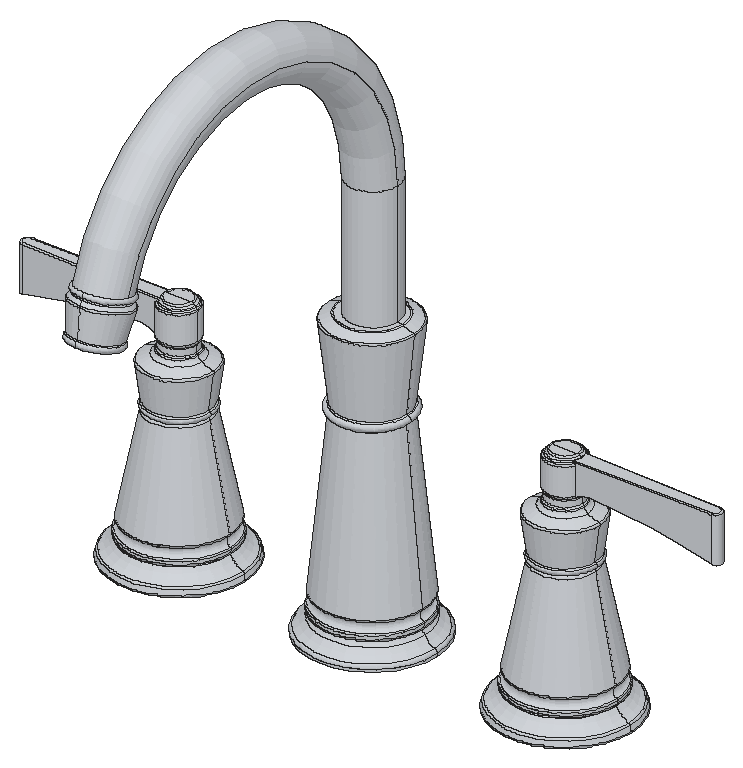
Revit family "Faucet-Deck_Mount-Bath-KOHLER-Archer-K-T45849_1", category Plumbing Fixtures, host Face, Revit 2015
Parameters (values of type "CP-Polished Chrome")
  Width [instance] = 8"
  WaterSense Certified = 1 = 0  # no
  Waste Water Outlet = "Waste Water Outlet"  # constant formula
  Waste Connection = 1 = 0  # no
  Vent Connection = 1 = 0  # no
  URL = "https://www.us.kohler.com/us/"
  Type = 1
  Spout Reach = Length  # 7 3/16"
  Product Page URL = "http://www.us.kohler.com/us/catalog/productDetails.jsp?productNumber=T45849-4"
  Product Name = "Archer"  # constant formula
  Product Documentation Link = "https://www.us.kohler.com/webassets/kpna/catalog/pdf/en/K-T45849-4_spec.pdf"
  Pressure = 0.00 psi
  Model = if(Type = 1, "K-T45849-4-CP", if(Type = 2, "K-T45849-4-BN", "NA"))  # "K-T45849-4-CP"
  Material = "Premium Metal Construction"  # constant formula
  MasterFormat 2004 = "22.41.39"  # constant formula
  MasterFormat 1995 = "15410"  # constant formula
  Manufacturer Address = "444 Highland Dr, Kohler, WI 53044"  # constant formula
  Manufacturer = "KOHLER Co."  # constant formula
  Length = 7 3/16"  # constant formula
  Hot Water Inlet = "Hot Water Inlet"  # constant formula
  Height = 12 1/2"  # constant formula
  Handle Clearance = 3 1/4"  # constant formula
  HW Connection = 1 = 1  # yes
  Flow Rate = 0 GPM
  Finish = Kohler-Metal-CP-Polished_Chrome
  Faucet Hole Spacing [instance] = Width  # 8"
  Environmental Product Declaration = ""
  Drain Included = 1 = 0  # no
  Description = "Deck-mount bath faucet trim"  # constant formula
  Default Elevation = 36"
  Declare Label = ""
  Date Modified = "03/04/2019"  # constant formula
  Date Created = "03/04/2019"  # constant formula
  Copyright = "Copyright KOHLER Co."  # constant formula
  Contact Us = "https://www.us.kohler.com/us/static/contact.jsp"
  Cold Water Inlet = "Cold Water Inlet"  # constant formula
  CW Connection = 1 = 1  # yes
  Assembly Code = "D2010"
  ADA Compliant = 1 = 1  # yes
Types (3): name | Type | Model | Finish
  (no name) | 1 | "K-T45849-4-CP" | Kohler-Metal-CP-Polished_Chrome
  CP-Polished Chrome | 1 | "K-T45849-4-CP" | Kohler-Metal-CP-Polished_Chrome
  BN-Vibrant Brushed Nickel | 2 | "K-T45849-4-BN" | Kohler-Metal-BN-Vibrant_Brushed_Nickel
Reference planes (in)
  plane 1 "Center (Front/Back)": y = 0
  plane 2: z = 0
  plane 3 "Center (Left/Right)": x = 0
  plane 4: z = 12.5
  plane 5: z = 4.75
  plane 6: y = -7.1875
  plane 7: z = 8.5
  plane 8: x = -4
  plane 9: x = 4
  plane 10: x = -5.375
  plane 11: x = -2.625
  plane 12: x = 5.375
  plane 13: x = 2.625
  plane 14: x = -1.34375
  plane 15: x = 1.34375
  plane 16: x = 7.25
  plane 17: x = -7.25
  plane 18: y = 1.375
  plane 19: y = -1.375
  plane 20: y = -7.68574
Dimensions and locks (in)
  level to plane 7 = 8 1/2"
  "Length": plane 1 "Center (Front/Back)" to plane 6
  equal spacing: plane 8, plane 3 "Center (Left/Right)", plane 9
  "Width": plane 8 to plane 9
  "Height": plane 4 to level
  "Handle Clearance": plane 16 to plane 9
  plane 5 to level = 4 3/4"
  equal spacing: plane 10, plane 8, plane 11
  equal spacing: plane 13, plane 9, plane 12
  locked: plane 10 to plane 11 at 2.75
  locked: plane 13 to plane 12 at 2.75
  equal spacing: plane 17, plane 3 "Center (Left/Right)", plane 16
  "Spout Reach": plane 6 to plane 1 "Center (Front/Back)"
  locked: plane 14 to plane 15 at 2.6875
  aligned and locked: plane 2 to host face
  aligned and locked: level to host face
  aligned and locked: nested 1 to plane 8
  aligned and locked: plane 9 to nested 2
Automatic sketch dimensions
  host sketch curve to host sketch curve = 96"  (x2)
Nested families (in)
  nested 1: "K-T45849-4 Handle" at (0, 0, 0), type "K-T45849-4 Handle"
  nested 2: "K-T45849-4 Handle" at (0, 0, 0) x (-1, 0, 0) z (0, 0, 1), type "K-T45849-4 Handle"
  nested 3: "K-T45849-4" at (0, 0, 0), type "K-T45849-4"
Connectors (in)
  piping at (-4, 0, 0), diameter 0.625, driven by "HW Connection", driven by "Hot Water Inlet", driven by "Flow Rate"
    settings: on nested 1, index 1, connector inside diameter 24", connector length 0", flow factor 0, pipe flow 0 GPM, pressure drop 0.00 psi, fitting loss kfactor 0, connector angle 0.00°, fixture units 0, engagement length 0", angle of deflection 0.00°, flow configuration 0, flow direction 1, fitting loss method 0, system type 19, joint type 0, gender type 0, connector reference index -1, connector utility 1, adjustable connector no, is connector primary yes, connector description "Hot Water Inlet"
  piping at (4, 0, 0), diameter 0.625, driven by "CW Connection", driven by "Cold Water Inlet", driven by "Flow Rate"
    settings: on nested 2, index 2, connector inside diameter 24", connector length 0", flow factor 0, pipe flow 0 GPM, pressure drop 0.00 psi, fitting loss kfactor 0, connector angle 0.00°, fixture units 0, engagement length 0", angle of deflection 0.00°, flow configuration 0, flow direction 1, fitting loss method 0, system type 20, joint type 0, gender type 0, connector reference index -1, connector utility 1, adjustable connector no, is connector primary no, connector description "Cold Water Inlet"
Definition of nested family "K-T45849-4 Handle"
  Parameters (values of type "K-T45849-4 Handle")
    Material = none
  Reference planes (in)
    plane 1 "Center (Front/Back)": y = 0
    plane 2: z = 0
    plane 3 "Center (Left/Right)": x = 0
    plane 4: x = -4
    plane 5: x = 4
    plane 6: x = -5.375
    plane 7: x = -2.625
    plane 8: x = 5.375
    plane 9: x = 2.625
    plane 10: z = 4.75
    plane 11: x = -7.25
    plane 12: y = 1.375
    plane 13: y = -1.375
    plane 14: z = 3.80669
  Forms (in)
    Revolve 1, solid, material <- "Material", detail levels medium+fine
      sketch origin (0, 0, 0) x (1, 0, 0) y (0, 0, 1)
        loop
          line (-4, 0) -> (-2.64638, 0)
          arc (-2.64638, 0) -> (-2.62948, 0.00831) -> (-2.62573, 0.02677) r 0.02135
          arc (-2.62573, 0.02677) -> (-2.63937, 0.07651) -> (-2.65412, 0.12593) r 2.31746
          arc (-2.65412, 0.12593) -> (-2.66608, 0.14762) -> (-2.68562, 0.16283) r 0.0615
          arc (-2.68562, 0.16283) -> (-2.8279, 0.25726) -> (-2.94184, 0.38445) r 0.67296
          arc (-2.94184, 0.38445) -> (-2.96127, 0.40202) -> (-2.98652, 0.409) r 0.05683
          line (-2.98652, 0.409) -> (-2.94812, 0.409)
          arc (-2.94812, 0.409) -> (-2.9265, 0.41796) -> (-2.91754, 0.43958) r 0.03058
          line (-2.91754, 0.43958) -> (-2.91754, 0.50051)
          arc (-2.91754, 0.50051) -> (-2.92272, 0.51766) -> (-2.93652, 0.52908) r 0.031
          arc (-2.93652, 0.52908) -> (-3.00867, 0.62316) -> (-2.96444, 0.73317) r 0.11968
          arc (-2.96444, 0.73317) -> (-2.95529, 0.74588) -> (-2.95417, 0.7615) r 0.0287
          line (-2.95417, 0.7615) -> (-3.36305, 2.72742)
          arc (-3.36305, 2.72742) -> (-3.39476, 2.77957) -> (-3.45227, 2.8) r 0.09113
          line (-3.45227, 2.8) -> (-3.3765, 2.8)
          arc (-3.3765, 2.8) -> (-3.33935, 2.83573) -> (-3.3583, 2.88366) r 0.04627
          arc (-3.3583, 2.88366) -> (-3.37257, 2.90092) -> (-3.37563, 2.9231) r 0.04098
          line (-3.37563, 2.9231) -> (-3.27663, 3.62748)
          arc (-3.27663, 3.62748) -> (-3.2807, 3.64888) -> (-3.29695, 3.66338) r 0.03388
          line (-3.29695, 3.66338) -> (-3.53109, 3.76277)
          arc (-3.53109, 3.76277) -> (-3.57742, 3.79627) -> (-3.60459, 3.84656) r 0.12831
          arc (-3.60459, 3.84656) -> (-3.61097, 3.86117) -> (-3.62115, 3.87345) r 0.05692
          arc (-3.62115, 3.87345) -> (-3.6336, 3.89072) -> (-3.638, 3.91155) r 0.0515
          line (-3.638, 3.91155) -> (-3.638, 4.03727)
          arc (-3.638, 4.03727) -> (-3.63517, 4.05291) -> (-3.62704, 4.06657) r 0.04462
          arc (-3.62704, 4.06657) -> (-3.61451, 4.08761) -> (-3.61015, 4.11171) r 0.06875
          line (-3.61015, 4.11171) -> (-3.61015, 4.67659)
          arc (-3.61015, 4.67659) -> (-3.61334, 4.69263) -> (-3.62243, 4.70623) r 0.04193
          line (-3.62243, 4.70623) -> (-3.6461, 4.72991)
          arc (-3.6461, 4.72991) -> (-3.65912, 4.74024) -> (-3.67413, 4.74735) r 0.07277
          arc (-3.67413, 4.74735) -> (-3.69789, 4.76254) -> (-3.71191, 4.78701) r 0.05909
          arc (-3.71191, 4.78701) -> (-3.72068, 4.79977) -> (-3.73537, 4.80469) r 0.02441
          line (-3.73537, 4.80469) -> (-4, 4.80469) -> (-4, 0)
        axis (-4, 0) -> (-4, 4.80469)
      angle from 0 to 360
    Extrusion 2, void, detail levels medium+fine
      sketch origin (0, 0, 0.20312) x (1, 0, 0) y (0, 0, 1)
        loop
          arc (-4.18377, 3.69717) -> (-4.23808, 3.77318) -> (-4.30004, 3.8431) r 0.89196
          arc (-4.30004, 3.8431) -> (-4.45767, 3.94853) -> (-4.64417, 3.9829) r 0.46881
          arc (-4.64417, 3.9829) -> (-5.28107, 3.94541) -> (-5.9134, 3.8605) r 8.54269
          arc (-5.9134, 3.8605) -> (-6.15672, 3.81551) -> (-6.39889, 3.76471) r 10.32211
          arc (-6.39889, 3.76471) -> (-7.02114, 3.63609) -> (-7.64615, 3.52167) r 27.89364
          line (-7.64615, 3.52167) -> (-7.62197, 3.24533) -> (-4.18377, 3.24533) -> (-4.18377, 3.69717)
      from -0.6709 to 1.51173
    Sweep 3, solid, material <- "Material", detail levels medium+fine
      path origin (0, 0, 0) x (1, 0, 0) y (0, 1, 0)
        loop
          arc (-4.06891, -0.17981) -> (-3.99149, -0.00565) -> (-4.06891, 0.16851) r 0.2346
          line (-4.06891, 0.16851) -> (-7.13153, 0.11505)
          arc (-7.13153, 0.11505) -> (-7.25015, -0.00565) -> (-7.13153, -0.12635) r 0.12072
          line (-7.13153, -0.12635) -> (-4.06891, -0.17981)
      profile origin (-5.60022, -0.15308, 0) x (-0.017452, -0.999848, 0) y (0, 0, 1)
        loop
          arc (0, 4.73043) -> (-0.00573, 4.74427) -> (-0.01956, 4.75) r 0.01956
          line (-0.01956, 4.75) -> (-0.05627, 4.75) -> (-0.05627, 3.80281) -> (0, 3.80281) -> (0, 4.73043)
    Extrusion 4, solid, material <- "Material", detail levels medium+fine
      sketch origin (0, 0, 0) x (1, 0, 0) y (0, 1, 0)
        loop
          arc (-7.13055, 0.07441) -> (-7.21061, -0.00565) -> (-7.13055, -0.08571) r 0.08006
          line (-7.13055, -0.08571) -> (-4.19799, -0.1369) -> (-4.19799, 0.1256) -> (-7.13055, 0.07441)
      from 3.80281 to 4.75
    Extrusion 5, solid, material <- "Material", detail levels medium+fine
      sketch origin (0, 0, 0) x (1, 0, 0) y (0, 1, 0)
        loop
          circle (-4, 0) r 0.3125
      from 0 to 0.08742
    Revolve 6, solid, material <- "Material", detail levels coarse
      sketch origin (0, 0, 0) x (1, 0, 0) y (0, 0, 1)
        loop
          line (-4, 0) -> (-4, 4.82432) -> (-4.76139, 4.82432) -> (-4.82528, 2.9947)
          arc (-4.82528, 2.9947) -> (-4.91825, 2.12515) -> (-5.13437, 1.27776) r 6.11168
          arc (-5.13437, 1.27776) -> (-5.29818, 0.64702) -> (-5.37593, 0) r 4.84937
          line (-5.37593, 0) -> (-4, 0)
        axis (-4, 0) -> (-4, 4.82432)
      angle from 0 to 360
    Extrusion 7, solid, material <- "Material", detail levels coarse
      sketch origin (0, 0, 0) x (1, 0, 0) y (0, 1, 0)
        loop
          line (-4.06891, 0.16851) -> (-7.14586, 0.1148)
          arc (-7.14586, 0.1148) -> (-7.26423, -0.00565) -> (-7.14586, -0.1261) r 0.12047
          line (-7.14586, -0.1261) -> (-4.06891, -0.17981) -> (-4.06891, 0.16851)
      from 3.80669 to 4.68345
  Cuts and joins
    Extrusion 2 cuts Sweep 3
    Extrusion 2 cuts Extrusion 4
    joined: Sweep 3, Extrusion 4
    joined: Revolve 6, Extrusion 7
  Lines and regions (in)
    Masking region 1
      outline origin (0, 0, 0) x (1, 0, 0) y (0, 0, 1)
        loop
          line (-4, 0) -> (-2.64638, 0)
          arc (-2.64638, 0) -> (-2.62948, 0.00831) -> (-2.62573, 0.02677) r 0.02135
          arc (-2.62573, 0.02677) -> (-2.63937, 0.07651) -> (-2.65412, 0.12593) r 2.31746
          arc (-2.65412, 0.12593) -> (-2.66608, 0.14762) -> (-2.68562, 0.16283) r 0.0615
          arc (-2.68562, 0.16283) -> (-2.8279, 0.25726) -> (-2.94184, 0.38445) r 0.67296
          arc (-2.94184, 0.38445) -> (-2.96127, 0.40202) -> (-2.98652, 0.409) r 0.05683
          line (-2.98652, 0.409) -> (-2.94812, 0.409)
          arc (-2.94812, 0.409) -> (-2.9265, 0.41796) -> (-2.91754, 0.43958) r 0.03058
          line (-2.91754, 0.43958) -> (-2.91754, 0.50051)
          arc (-2.91754, 0.50051) -> (-2.92272, 0.51766) -> (-2.93652, 0.52908) r 0.031
          arc (-2.93652, 0.52908) -> (-3.00867, 0.62316) -> (-2.96444, 0.73317) r 0.11968
          arc (-2.96444, 0.73317) -> (-2.95529, 0.74588) -> (-2.95417, 0.7615) r 0.0287
          line (-2.95417, 0.7615) -> (-3.36305, 2.72742)
          arc (-3.36305, 2.72742) -> (-3.39476, 2.77957) -> (-3.45227, 2.8) r 0.09113
          line (-3.45227, 2.8) -> (-3.3765, 2.8)
          arc (-3.3765, 2.8) -> (-3.33935, 2.83573) -> (-3.3583, 2.88366) r 0.04627
          arc (-3.3583, 2.88366) -> (-3.37257, 2.90092) -> (-3.37563, 2.9231) r 0.04098
          line (-3.37563, 2.9231) -> (-3.27663, 3.62748)
          arc (-3.27663, 3.62748) -> (-3.2807, 3.64888) -> (-3.29695, 3.66338) r 0.03388
          line (-3.29695, 3.66338) -> (-3.53109, 3.76277)
          arc (-3.53109, 3.76277) -> (-3.57742, 3.79627) -> (-3.60459, 3.84656) r 0.12831
          arc (-3.60459, 3.84656) -> (-3.61097, 3.86117) -> (-3.62115, 3.87345) r 0.05692
          arc (-3.62115, 3.87345) -> (-3.6336, 3.89072) -> (-3.638, 3.91155) r 0.0515
          line (-3.638, 3.91155) -> (-3.638, 4.03727)
          arc (-3.638, 4.03727) -> (-3.63517, 4.05291) -> (-3.62704, 4.06657) r 0.04462
          arc (-3.62704, 4.06657) -> (-3.61451, 4.08761) -> (-3.61015, 4.11171) r 0.06875
          line (-3.61015, 4.11171) -> (-3.61015, 4.67659)
          arc (-3.61015, 4.67659) -> (-3.61334, 4.69263) -> (-3.62243, 4.70623) r 0.04193
          line (-3.62243, 4.70623) -> (-3.6461, 4.72991)
          arc (-3.6461, 4.72991) -> (-3.65912, 4.74024) -> (-3.67413, 4.74735) r 0.07277
          arc (-3.67413, 4.74735) -> (-3.69789, 4.76254) -> (-3.71191, 4.78701) r 0.05909
          arc (-3.71191, 4.78701) -> (-3.72068, 4.79977) -> (-3.73537, 4.80469) r 0.02441
          line (-3.73537, 4.80469) -> (-4, 4.80469) -> (-4.26463, 4.80469)
          arc (-4.26463, 4.80469) -> (-4.27932, 4.79977) -> (-4.28809, 4.78701) r 0.02441
          arc (-4.28809, 4.78701) -> (-4.29976, 4.76515) -> (-4.31937, 4.75) r 0.05909
          line (-4.31937, 4.75) -> (-7.22671, 4.75)
          arc (-7.22671, 4.75) -> (-7.24318, 4.74318) -> (-7.25, 4.72671) r 0.02329
          line (-7.25, 4.72671) -> (-7.25, 3.80669) -> (-7.19084, 3.80669)
          arc (-7.19084, 3.80669) -> (-6.79428, 3.88439) -> (-6.39889, 3.96783) r 27.89364
          arc (-6.39889, 3.96783) -> (-6.15672, 4.01864) -> (-5.9134, 4.06363) r 10.32211
          arc (-5.9134, 4.06363) -> (-5.28107, 4.14854) -> (-4.64417, 4.18602) r 8.54269
          arc (-4.64417, 4.18602) -> (-4.51197, 4.16994) -> (-4.38963, 4.11733) r 0.46881
          arc (-4.38963, 4.11733) -> (-4.38642, 4.09026) -> (-4.37296, 4.06657) r 0.06875
          arc (-4.37296, 4.06657) -> (-4.36483, 4.05291) -> (-4.362, 4.03727) r 0.04462
          line (-4.362, 4.03727) -> (-4.362, 3.91155)
          arc (-4.362, 3.91155) -> (-4.3664, 3.89072) -> (-4.37885, 3.87345) r 0.0515
          arc (-4.37885, 3.87345) -> (-4.38903, 3.86117) -> (-4.39541, 3.84656) r 0.05692
          arc (-4.39541, 3.84656) -> (-4.42258, 3.79627) -> (-4.46891, 3.76277) r 0.12831
          line (-4.46891, 3.76277) -> (-4.70305, 3.66338)
          arc (-4.70305, 3.66338) -> (-4.7193, 3.64888) -> (-4.72337, 3.62748) r 0.03388
          line (-4.72337, 3.62748) -> (-4.62437, 2.9231)
          arc (-4.62437, 2.9231) -> (-4.62743, 2.90092) -> (-4.6417, 2.88366) r 0.04098
          arc (-4.6417, 2.88366) -> (-4.66065, 2.83573) -> (-4.6235, 2.8) r 0.04627
          line (-4.6235, 2.8) -> (-4.54773, 2.8)
          arc (-4.54773, 2.8) -> (-4.60524, 2.77957) -> (-4.63695, 2.72742) r 0.09113
          line (-4.63695, 2.72742) -> (-5.04583, 0.7615)
          arc (-5.04583, 0.7615) -> (-5.04471, 0.74588) -> (-5.03556, 0.73317) r 0.0287
          arc (-5.03556, 0.73317) -> (-4.99133, 0.62316) -> (-5.06348, 0.52908) r 0.11968
          arc (-5.06348, 0.52908) -> (-5.07728, 0.51766) -> (-5.08246, 0.50051) r 0.031
          line (-5.08246, 0.50051) -> (-5.08246, 0.43958)
          arc (-5.08246, 0.43958) -> (-5.0735, 0.41796) -> (-5.05188, 0.409) r 0.03058
          line (-5.05188, 0.409) -> (-5.01348, 0.409)
          arc (-5.01348, 0.409) -> (-5.03873, 0.40202) -> (-5.05816, 0.38445) r 0.05683
          arc (-5.05816, 0.38445) -> (-5.1721, 0.25726) -> (-5.31438, 0.16283) r 0.67296
          arc (-5.31438, 0.16283) -> (-5.33392, 0.14762) -> (-5.34588, 0.12593) r 0.0615
          arc (-5.34588, 0.12593) -> (-5.36063, 0.07651) -> (-5.37427, 0.02677) r 2.31746
          arc (-5.37427, 0.02677) -> (-5.37052, 0.00831) -> (-5.35362, 0) r 0.02135
          line (-5.35362, 0) -> (-4, 0)
    Masking region 2
      outline origin (0, 0, 0) x (0, 1, 0) y (0, 0, 1)
        loop
          line (0, 0) -> (1.35361, 0)
          arc (1.35361, 0) -> (1.37052, 0.00831) -> (1.37427, 0.02677) r 0.02135
          arc (1.37427, 0.02677) -> (1.36062, 0.07651) -> (1.34588, 0.12593) r 2.31746
          arc (1.34588, 0.12593) -> (1.33392, 0.14762) -> (1.31438, 0.16283) r 0.0615
          arc (1.31438, 0.16283) -> (1.1721, 0.25726) -> (1.05816, 0.38445) r 0.67296
          arc (1.05816, 0.38445) -> (1.03873, 0.40202) -> (1.01348, 0.409) r 0.05683
          line (1.01348, 0.409) -> (1.05188, 0.409)
          arc (1.05188, 0.409) -> (1.0735, 0.41796) -> (1.08245, 0.43958) r 0.03058
          line (1.08245, 0.43958) -> (1.08245, 0.50051)
          arc (1.08245, 0.50051) -> (1.07728, 0.51766) -> (1.06348, 0.52908) r 0.031
          arc (1.06348, 0.52908) -> (0.99133, 0.62316) -> (1.03556, 0.73317) r 0.11968
          arc (1.03556, 0.73317) -> (1.04471, 0.74588) -> (1.04583, 0.7615) r 0.0287
          line (1.04583, 0.7615) -> (0.63695, 2.72742)
          arc (0.63695, 2.72742) -> (0.60524, 2.77957) -> (0.54773, 2.8) r 0.09113
          line (0.54773, 2.8) -> (0.6235, 2.8)
          arc (0.6235, 2.8) -> (0.66065, 2.83573) -> (0.64169, 2.88366) r 0.04627
          arc (0.64169, 2.88366) -> (0.62743, 2.90092) -> (0.62437, 2.9231) r 0.04098
          line (0.62437, 2.9231) -> (0.72336, 3.62748)
          arc (0.72336, 3.62748) -> (0.7193, 3.64888) -> (0.70305, 3.66338) r 0.03388
          line (0.70305, 3.66338) -> (0.4689, 3.76277)
          arc (0.4689, 3.76277) -> (0.42258, 3.79627) -> (0.3954, 3.84656) r 0.12831
          arc (0.3954, 3.84656) -> (0.38903, 3.86117) -> (0.37885, 3.87345) r 0.05692
          arc (0.37885, 3.87345) -> (0.3664, 3.89072) -> (0.36199, 3.91155) r 0.0515
          line (0.36199, 3.91155) -> (0.36199, 4.03727)
          arc (0.36199, 4.03727) -> (0.36483, 4.05291) -> (0.37296, 4.06657) r 0.04462
          arc (0.37296, 4.06657) -> (0.38549, 4.08761) -> (0.38985, 4.11171) r 0.06875
          line (0.38985, 4.11171) -> (0.38985, 4.67659)
          arc (0.38985, 4.67659) -> (0.38666, 4.69263) -> (0.37757, 4.70623) r 0.04193
          line (0.37757, 4.70623) -> (0.35389, 4.72991)
          arc (0.35389, 4.72991) -> (0.34088, 4.74024) -> (0.32586, 4.74735) r 0.07277
          arc (0.32586, 4.74735) -> (0.3021, 4.76254) -> (0.28809, 4.78701) r 0.05909
          arc (0.28809, 4.78701) -> (0.27931, 4.79977) -> (0.26463, 4.80469) r 0.02441
          line (0.26463, 4.80469) -> (0, 4.80469) -> (-0.26463, 4.80469)
          arc (-0.26463, 4.80469) -> (-0.27931, 4.79977) -> (-0.28809, 4.78701) r 0.02441
          arc (-0.28809, 4.78701) -> (-0.3021, 4.76254) -> (-0.32586, 4.74735) r 0.05909
          arc (-0.32586, 4.74735) -> (-0.34088, 4.74024) -> (-0.35389, 4.72991) r 0.07277
          line (-0.35389, 4.72991) -> (-0.37757, 4.70623)
          arc (-0.37757, 4.70623) -> (-0.38666, 4.69263) -> (-0.38985, 4.67659) r 0.04193
          line (-0.38985, 4.67659) -> (-0.38985, 4.11171)
          arc (-0.38985, 4.11171) -> (-0.38549, 4.08761) -> (-0.37296, 4.06657) r 0.06875
          arc (-0.37296, 4.06657) -> (-0.36483, 4.05291) -> (-0.36199, 4.03727) r 0.04462
          line (-0.36199, 4.03727) -> (-0.36199, 3.91155)
          arc (-0.36199, 3.91155) -> (-0.3664, 3.89072) -> (-0.37885, 3.87345) r 0.0515
          arc (-0.37885, 3.87345) -> (-0.38903, 3.86117) -> (-0.3954, 3.84656) r 0.05692
          arc (-0.3954, 3.84656) -> (-0.42258, 3.79627) -> (-0.4689, 3.76277) r 0.12831
          line (-0.4689, 3.76277) -> (-0.70305, 3.66338)
          arc (-0.70305, 3.66338) -> (-0.7193, 3.64888) -> (-0.72336, 3.62748) r 0.03388
          line (-0.72336, 3.62748) -> (-0.62437, 2.9231)
          arc (-0.62437, 2.9231) -> (-0.62743, 2.90092) -> (-0.64169, 2.88366) r 0.04098
          arc (-0.64169, 2.88366) -> (-0.66065, 2.83573) -> (-0.6235, 2.8) r 0.04627
          line (-0.6235, 2.8) -> (-0.54773, 2.8)
          arc (-0.54773, 2.8) -> (-0.60524, 2.77957) -> (-0.63695, 2.72742) r 0.09113
          line (-0.63695, 2.72742) -> (-1.04583, 0.7615)
          arc (-1.04583, 0.7615) -> (-1.04471, 0.74588) -> (-1.03556, 0.73317) r 0.0287
          arc (-1.03556, 0.73317) -> (-0.99133, 0.62316) -> (-1.06348, 0.52908) r 0.11968
          arc (-1.06348, 0.52908) -> (-1.07728, 0.51766) -> (-1.08245, 0.50051) r 0.031
          line (-1.08245, 0.50051) -> (-1.08245, 0.43958)
          arc (-1.08245, 0.43958) -> (-1.0735, 0.41796) -> (-1.05188, 0.409) r 0.03058
          line (-1.05188, 0.409) -> (-1.01348, 0.409)
          arc (-1.01348, 0.409) -> (-1.03873, 0.40202) -> (-1.05816, 0.38445) r 0.05683
          arc (-1.05816, 0.38445) -> (-1.1721, 0.25726) -> (-1.31438, 0.16283) r 0.67296
          arc (-1.31438, 0.16283) -> (-1.33392, 0.14762) -> (-1.34588, 0.12593) r 0.0615
          arc (-1.34588, 0.12593) -> (-1.36062, 0.07651) -> (-1.37427, 0.02677) r 2.31746
          arc (-1.37427, 0.02677) -> (-1.37052, 0.00831) -> (-1.35361, 0) r 0.02135
          line (-1.35361, 0) -> (0, 0)
    Masking region 3
      outline origin (0, 0, 0) x (1, 0, 0) y (0, 1, 0)
        loop
          line (-7.13221, -0.12634) -> (-5.36599, -0.15717)
          spline (-5.36599, -0.15717) -> (-5.11928, -0.79864) -> (-4.59293, -1.24059) -> (-3.91845, -1.37258) -> (-3.26433, -1.16164) -> (-2.79402, -0.66048) -> (-2.62501, 0.00569) -> (-2.79953, 0.67045) -> (-3.27398, 1.1677) -> (-3.92982, 1.37321) -> (-4.60319, 1.23563) -> (-5.12586, 0.78935) -> (-5.36724, 0.14585)
          line (-5.36724, 0.14585) -> (-7.13221, 0.11504)
          arc (-7.13221, 0.11504) -> (-7.25081, -0.00565) -> (-7.13221, -0.12634) r 0.12071
    symbolic lines, detail levels medium+fine
      curve 1: line (-5.34588, 0, 0.12593) -> (-2.65412, 0, 0.12593)
      curve 2: line (-5.31438, 0, 0.16283) -> (-2.68562, 0, 0.16283)
      curve 3: line (-5.01348, 0, 0.409) -> (-2.98652, 0, 0.409)
      curve 4: line (-5.06348, 0, 0.52908) -> (-2.93652, 0, 0.52908)
      curve 5: line (-5.03556, 0, 0.73317) -> (-2.96444, 0, 0.73317)
      curve 6: line (-5.04583, 0, 0.7615) -> (-2.95417, 0, 0.7615)
      curve 7: line (-4.54773, 0, 2.8) -> (-3.45227, 0, 2.8)
      curve 8: line (-4.63695, 0, 2.72742) -> (-3.36305, 0, 2.72742)
      curve 9: line (-4.62743, 0, 2.90092) -> (-3.37257, 0, 2.90092)
      curve 10: line (-4.72337, 0, 3.62748) -> (-3.27663, 0, 3.62748)
      curve 11: line (-4.70305, 0, 3.66338) -> (-3.29695, 0, 3.66338)
      curve 12: line (-4.42258, 0, 3.79627) -> (-3.57742, 0, 3.79627)
      curve 13: line (-4.38963, 0, 4.11733) -> (-3.61037, 0, 4.11733)
      curve 14: line (-4.37296, 0, 4.06657) -> (-3.62704, 0, 4.06657)
      curve 15: line (-4.362, 0, 3.91155) -> (-3.638, 0, 3.91155)
      curve 16: line (-4.37885, 0, 3.87345) -> (-3.62115, 0, 3.87345)
      curve 17: line (-4.31937, 0, 4.75) -> (-3.68063, 0, 4.75)
      curve 18: line (-4.28809, 0, 4.78701) -> (-3.71191, 0, 4.78701)
      curve 19: line (-7.25015, 0, 4.68345) -> (-3.61125, 0, 4.68345)
      curve 20: line (-7.13153, 0, 4.75) -> (-7.13153, 0, 3.81793)
      curve 21: line (-7.25, 0, 3.88222) -> (-7.13153, 0, 3.88222)
      curve 22: line (-4.31937, 0, 4.68345) -> (-4.31937, 0, 4.11733)
      curve 23: line (0, 1.34588, 0.12593) -> (0, -1.34588, 0.12593)
      curve 24: line (0, 1.31438, 0.16283) -> (0, -1.31438, 0.16283)
      curve 25: line (0, 1.01348, 0.409) -> (0, -1.01348, 0.409)
      curve 26: line (0, 1.06348, 0.52908) -> (0, -1.06348, 0.52908)
      curve 27: line (0, 1.03556, 0.73317) -> (0, -1.03556, 0.73317)
      curve 28: line (0, 1.04583, 0.7615) -> (0, -1.04583, 0.7615)
      curve 29: line (0, 0.54773, 2.8) -> (0, -0.54773, 2.8)
      curve 30: line (0, 0.64169, 2.88366) -> (0, -0.64169, 2.88366)
      curve 31: line (0, 0.63695, 2.72742) -> (0, -0.63695, 2.72742)
      curve 32: line (0, 0.72336, 3.62748) -> (0, -0.72336, 3.62748)
      curve 33: line (0, 0.70305, 3.66338) -> (0, -0.70305, 3.66338)
      curve 34: line (0, 0.32586, 4.75) -> (0, -0.32586, 4.75)
      curve 35: line (0, 0.28809, 4.78701) -> (0, -0.28809, 4.78701)
      curve 36: line (0, 0.3954, 3.84656) -> (0, 0.16121, 3.84656)
      curve 37: line (0, 0.36199, 4.03727) -> (0, 0.16867, 4.03727)
      curve 38: line (0, -0.16867, 4.04622) -> (0, -0.3629, 4.04622)
      curve 39: line (0, 0.38985, 4.11171) -> (0, 0.16867, 4.11171)
      curve 40: line (0, -0.16867, 4.12235) -> (0, -0.38985, 4.12235)
      curve 41: line (0, 0.16867, 3.89615) -> (0, 0.16867, 4.68345)
      curve 42: line (-4.26534, 0.16508, 0) -> (-5.36724, 0.14585, 0)
      curve 43: line (-5.36599, -0.15717, 0) -> (-4.2701, -0.15717, 0)
      curve 44: arc (-4.2701, -0.15717, 0) -> (-3.68753, -0.00462, 0) -> (-4.26534, 0.16508, 0) r 0.3125
      curve 45: arc (-4.52367, 0.16057, 0) -> (-3.91882, 0.54168, 0) -> (-3.45227, 0, 0) r 0.54773
      curve 46: arc (-3.45227, 0, 0) -> (-3.92058, -0.54194, 0) -> (-4.5247, -0.15717, 0) r 0.54773
      curve 47: arc (-5.0637, -0.15717, 0) -> (-2.90863, -0.00832, 0) -> (-5.06294, 0.15116, 0) r 1.08286
      curve 48: arc (-5.02667, -0.15717, 0) -> (-2.94528, -0.00865, 0) -> (-5.02578, 0.15181, 0) r 1.04621
      curve 49: line (0, 0.15662, 4.68345) -> (0, -0.16867, 4.68345)
      curve 50: arc (-7.13153, 0, 3.88156) -> (-6.77145, 0, 3.95284) -> (-6.41235, 0, 4.02887) r 27.83114
      curve 51: arc (-6.41235, 0, 4.02887) -> (-6.16876, 0, 4.07997) -> (-5.92403, 0, 4.12522) r 10.38461
      curve 52: arc (-5.92403, 0, 4.12522) -> (-5.28707, 0, 4.21075) -> (-4.64551, 0, 4.24851) r 8.60519
      curve 53: arc (-4.64551, 0, 4.24851) -> (-4.47391, 0, 4.2239) -> (-4.31937, 0, 4.14537) r 0.53131
      curve 54: line (0, 0.38929, 4.68345) -> (0, 0.15662, 4.68345)
      curve 55: line (0, -0.16867, 4.68345) -> (0, -0.38929, 4.68345)
      curve 56: line (-4.63695, 0, 2.88748) -> (-3.36305, 0, 2.88748)
      curve 57: line (-5.08246, 0, 0.50051) -> (-2.91754, 0, 0.50051)
      curve 58: line (-5.08246, 0, 0.43958) -> (-2.91754, 0, 0.43958)
      curve 59: line (0, 1.08245, 0.50051) -> (0, -1.08245, 0.50051)
      curve 60: line (0, 1.08245, 0.43958) -> (0, -1.08245, 0.43958)
      curve 61: line (0, 0.6555, 2.8687) -> (0, -0.6555, 2.8687)
      curve 62: line (0, -0.16867, 3.89615) -> (0, -0.16867, 4.68345)
      curve 63: arc (0, -0.16867, 3.89615) -> (0, 0, 3.72748) -> (0, 0.16867, 3.89615) r 0.16867
      curve 64: line (0, 0.16121, 3.84656) -> (0, -0.3954, 3.84656)
      curve 65: line (0, 0.20494, 4.68345) -> (0, 0.20494, 4.32549)
      curve 66: line (0, 0.23736, 4.68345) -> (0, 0.23736, 4.30497)
      curve 67: line (0, 0.16867, 4.16803) -> (0, 0.19356, 4.26095)
      curve 68: line (0, 0.22591, 4.23999) -> (0, 0.16867, 4.11171)
      curve 69: arc (0, 0.23736, 4.30497) -> (0, 0.23448, 4.27198) -> (0, 0.22591, 4.23999) r 0.18999
      curve 70: arc (0, 0.20494, 4.32549) -> (0, 0.20208, 4.29272) -> (0, 0.19356, 4.26095) r 0.1887
      curve 71: line (0, -0.20494, 4.68345) -> (0, -0.20494, 4.32549)
      curve 72: line (0, -0.23736, 4.68345) -> (0, -0.23736, 4.30497)
      curve 73: line (0, -0.16867, 4.16803) -> (0, -0.19356, 4.26095)
      curve 74: line (0, -0.22591, 4.23999) -> (0, -0.16867, 4.12235)
      curve 75: arc (0, -0.23736, 4.30497) -> (0, -0.23448, 4.27198) -> (0, -0.22591, 4.23999) r 0.18999
      curve 76: arc (0, -0.20494, 4.32549) -> (0, -0.20208, 4.29272) -> (0, -0.19356, 4.26095) r 0.1887
      curve 77: line (0, 0.4689, 3.76277) -> (0, 0.10324, 3.76277)
      curve 78: line (0, -0.4689, 3.76277) -> (0, -0.10324, 3.76277)
      curve 79: line (0, 0.37885, 3.87345) -> (0, -0.37885, 3.87345)
  Dimensions and locks (in)
    aligned and locked: plane 2 to level
Definition of nested family "K-T45849-4"
  Parameters (values of type "K-T45849-4")
    Material = none
  Reference planes (in)
    plane 1 "Center (Front/Back)": y = 0
    plane 2: z = 0
    plane 3 "Center (Left/Right)": x = 0
    plane 4: x = -1.34375
    plane 5: x = -4
    plane 6: x = 4
    plane 7: x = 7.25
    plane 8: z = 4.75
    plane 9: x = 1.34375
    plane 10: z = 8.5
    plane 11: y = -7.1875
    plane 12: z = 12.5
    plane 13: x = -5.375
    plane 14: x = -2.625
    plane 15: y = -7.6875
  Forms (in)
    Revolve 1, solid, material <- "Material", detail levels medium+fine
      sketch origin (0, 0, 0) x (1, 0, 0) y (0, 0, 1)
        loop
          line (0, 5.91964) -> (-0.62987, 5.91964)
          arc (-0.62987, 5.91964) -> (-0.64735, 5.91788) -> (-0.66413, 5.91267) r 0.08768
          line (-0.66413, 5.91267) -> (-0.87226, 5.82432)
          arc (-0.87226, 5.82432) -> (-0.88426, 5.81375) -> (-0.88755, 5.7981) r 0.02536
          line (-0.88755, 5.7981) -> (-0.71476, 4.28473)
          arc (-0.71476, 4.28473) -> (-0.72056, 4.26504) -> (-0.73874, 4.25551) r 0.02632
          arc (-0.73874, 4.25551) -> (-0.80016, 4.18896) -> (-0.73905, 4.12212) r 0.06694
          arc (-0.73905, 4.12212) -> (-0.72082, 4.11253) -> (-0.71488, 4.09281) r 0.02663
          line (-0.71488, 4.09281) -> (-1.0622, 0.78822)
          arc (-1.0622, 0.78822) -> (-1.05937, 0.77285) -> (-1.04864, 0.76148) r 0.0276
          arc (-1.04864, 0.76148) -> (-0.98995, 0.64974) -> (-1.06497, 0.54825) r 0.11878
          arc (-1.06497, 0.54825) -> (-1.07774, 0.53806) -> (-1.08256, 0.52245) r 0.02772
          line (-1.08256, 0.52245) -> (-1.08256, 0.45391)
          arc (-1.08256, 0.45391) -> (-1.07415, 0.43361) -> (-1.05385, 0.4252) r 0.02871
          line (-1.05385, 0.4252) -> (-1.00184, 0.4252)
          arc (-1.00184, 0.4252) -> (-1.02124, 0.41894) -> (-1.03425, 0.40325) r 0.03646
          arc (-1.03425, 0.40325) -> (-1.05817, 0.35715) -> (-1.08823, 0.31479) r 0.37473
          arc (-1.08823, 0.31479) -> (-1.18601, 0.21369) -> (-1.299, 0.12993) r 0.85754
          arc (-1.299, 0.12993) -> (-1.33181, 0.0955) -> (-1.34375, 0.04945) r 0.09474
          line (-1.34375, 0.04945) -> (-1.34375, 0) -> (0, 0) -> (0, 5.91964)
        axis (0, 0) -> (0, 5.91964)
      angle from 0 to 360
    Revolve 2, solid, material <- "Material", detail levels medium+fine
      sketch origin (0, -0.05268, 0.35257) x (0, 1, 0) y (0, 0, 1)
        loop
          line (-6.88721, 9.07153) -> (-7.13482, 8.14743) -> (-6.67038, 8.02299)
          arc (-6.67038, 8.02299) -> (-6.61658, 8.058) -> (-6.62395, 8.12177) r 0.06097
          arc (-6.62395, 8.12177) -> (-6.63023, 8.13693) -> (-6.62762, 8.15313) r 0.03006
          line (-6.62762, 8.15313) -> (-6.3875, 8.66806)
          arc (-6.3875, 8.66806) -> (-6.38315, 8.68582) -> (-6.38594, 8.7039) r 0.04687
          line (-6.38594, 8.7039) -> (-6.42004, 8.79761)
          arc (-6.42004, 8.79761) -> (-6.41511, 8.82428) -> (-6.38939, 8.83291) r 0.02674
          arc (-6.38939, 8.83291) -> (-6.35879, 8.88324) -> (-6.3957, 8.92915) r 0.05129
          line (-6.3957, 8.92915) -> (-6.88721, 9.07153)
        axis (-7.13482, 8.14743) -> (-6.88721, 9.07153)
      angle from 0 to 360
    Sweep 3, solid, material <- "Material", detail levels medium+fine
      path origin (0, 0, 0) x (0, 1, 0) y (0, 0, 1)
        loop
          line (0.02577, 5.91732) -> (0.02577, 8.43553)
          arc (0.02577, 8.43553) -> (-3.05749, 11.95732) -> (-6.95599, 9.36672) r 3.55298
      profile origin (0, 0.02577, 7.17643) x (0, -1, 0) y (1, 0, 0)
        loop
          circle (0, 0) r 0.51172
    Revolve 4, solid, material <- "Material", detail levels coarse
      sketch origin (0, 0, 0) x (0, 1, 0) y (0, 0, 1)
        loop
          line (0, 0) -> (1.34396, 0) -> (1.34396, 8.5) -> (0, 8.5) -> (0, 0)
        axis (0, 0) -> (0, 8.5)
      angle from 0 to 360
    Sweep 5, solid, material <- "Material", detail levels coarse
      path origin (0, 0, 0) x (0, 1, 0) y (0, 0, 1)
        loop
          arc (0.53682, 8.5) -> (-2.84444, 12.44218) -> (-7.34131, 9.84374) r 4.06532
          line (-7.34131, 9.84374) -> (-7.70137, 8.5)
      profile origin (0, 0.53682, 8.5) x (0, -0.999871, -0.016054) y (1, 0, 0)
        loop
          circle (0.5396, 0) r 0.5396
  Cuts and joins
    joined: Revolve 4, Sweep 5
    joined: Revolve 1, Revolve 2, Sweep 3
  Lines and regions (in)
    Masking region 1
      outline origin (0, 0, 0) x (1, 0, 0) y (0, 0, 1)
        loop
          line (-1.34375, 0) -> (1.34375, 0) -> (1.34375, 0.04945)
          arc (1.34375, 0.04945) -> (1.33181, 0.0955) -> (1.299, 0.12993) r 0.09474
          arc (1.299, 0.12993) -> (1.18601, 0.21369) -> (1.08823, 0.31479) r 0.85754
          arc (1.08823, 0.31479) -> (1.05817, 0.35715) -> (1.03425, 0.40325) r 0.37473
          arc (1.03425, 0.40325) -> (1.02124, 0.41894) -> (1.00184, 0.4252) r 0.03646
          line (1.00184, 0.4252) -> (1.05385, 0.4252)
          arc (1.05385, 0.4252) -> (1.07415, 0.43361) -> (1.08256, 0.45391) r 0.02871
          line (1.08256, 0.45391) -> (1.08256, 0.52245)
          arc (1.08256, 0.52245) -> (1.07774, 0.53806) -> (1.06497, 0.54825) r 0.02772
          arc (1.06497, 0.54825) -> (0.98995, 0.64974) -> (1.04864, 0.76148) r 0.11878
          arc (1.04864, 0.76148) -> (1.05937, 0.77285) -> (1.0622, 0.78822) r 0.0276
          line (1.0622, 0.78822) -> (0.71488, 4.09281)
          arc (0.71488, 4.09281) -> (0.72082, 4.11253) -> (0.73905, 4.12212) r 0.02663
          arc (0.73905, 4.12212) -> (0.80016, 4.18896) -> (0.73874, 4.25551) r 0.06694
          arc (0.73874, 4.25551) -> (0.72056, 4.26504) -> (0.71476, 4.28473) r 0.02632
          line (0.71476, 4.28473) -> (0.88755, 5.7981)
          arc (0.88755, 5.7981) -> (0.88426, 5.81375) -> (0.87226, 5.82432) r 0.02536
          line (0.87226, 5.82432) -> (0.66413, 5.91267)
          arc (0.66413, 5.91267) -> (0.64735, 5.91788) -> (0.62987, 5.91964) r 0.08768
          line (0.62987, 5.91964) -> (0.51172, 5.91964) -> (0.51172, 8.50885)
          arc (0.51172, 8.50885) -> (0.52542, 8.55642) -> (0.51178, 8.60402) r 0.08966
          line (0.51178, 8.60402) -> (0.51178, 8.7559) -> (0.58642, 9.16553)
          arc (0.58642, 9.16553) -> (0.58567, 9.19957) -> (0.5716, 9.23057) r 0.08479
          line (0.5716, 9.23057) -> (0.53318, 9.28345)
          arc (0.53318, 9.28345) -> (0.55879, 9.30466) -> (0.57885, 9.33119) r 0.14379
          arc (0.57885, 9.33119) -> (0.58762, 9.3517) -> (0.59093, 9.37376) r 0.08782
          arc (0.59093, 9.37376) -> (0.58787, 9.39876) -> (0.57784, 9.42186) r 0.08782
          arc (0.57784, 9.42186) -> (0.54908, 9.45609) -> (0.51172, 9.48065) r 0.15447
          line (0.51172, 9.48065) -> (0.51172, 11.98831)
          arc (0.51172, 11.98831) -> (0, 12.50004) -> (-0.51172, 11.98831) r 0.51172
          line (-0.51172, 11.98831) -> (-0.51172, 9.48065)
          arc (-0.51172, 9.48065) -> (-0.54908, 9.45609) -> (-0.57784, 9.42186) r 0.15447
          arc (-0.57784, 9.42186) -> (-0.58787, 9.39876) -> (-0.59093, 9.37376) r 0.08782
          arc (-0.59093, 9.37376) -> (-0.58762, 9.3517) -> (-0.57885, 9.33119) r 0.08782
          arc (-0.57885, 9.33119) -> (-0.55879, 9.30466) -> (-0.53318, 9.28345) r 0.14379
          line (-0.53318, 9.28345) -> (-0.5716, 9.23057)
          arc (-0.5716, 9.23057) -> (-0.58567, 9.19957) -> (-0.58642, 9.16553) r 0.08479
          line (-0.58642, 9.16553) -> (-0.51178, 8.7559) -> (-0.51178, 8.60402)
          arc (-0.51178, 8.60402) -> (-0.52648, 8.55642) -> (-0.51172, 8.50885) r 0.08423
          line (-0.51172, 8.50885) -> (-0.51172, 5.91964) -> (-0.62987, 5.91964)
          arc (-0.62987, 5.91964) -> (-0.64735, 5.91788) -> (-0.66413, 5.91267) r 0.08768
          line (-0.66413, 5.91267) -> (-0.87226, 5.82432)
          arc (-0.87226, 5.82432) -> (-0.88426, 5.81375) -> (-0.88755, 5.7981) r 0.02536
          line (-0.88755, 5.7981) -> (-0.71476, 4.28473)
          arc (-0.71476, 4.28473) -> (-0.72056, 4.26504) -> (-0.73874, 4.25551) r 0.02632
          arc (-0.73874, 4.25551) -> (-0.80016, 4.18896) -> (-0.73905, 4.12212) r 0.06694
          arc (-0.73905, 4.12212) -> (-0.72082, 4.11253) -> (-0.71488, 4.09281) r 0.02663
          line (-0.71488, 4.09281) -> (-1.0622, 0.78822)
          arc (-1.0622, 0.78822) -> (-1.05937, 0.77285) -> (-1.04864, 0.76148) r 0.0276
          arc (-1.04864, 0.76148) -> (-0.98995, 0.64974) -> (-1.06497, 0.54825) r 0.11878
          arc (-1.06497, 0.54825) -> (-1.07774, 0.53806) -> (-1.08256, 0.52245) r 0.02772
          line (-1.08256, 0.52245) -> (-1.08256, 0.45391)
          arc (-1.08256, 0.45391) -> (-1.07415, 0.43361) -> (-1.05385, 0.4252) r 0.02871
          line (-1.05385, 0.4252) -> (-1.00184, 0.4252)
          arc (-1.00184, 0.4252) -> (-1.02124, 0.41894) -> (-1.03425, 0.40325) r 0.03646
          arc (-1.03425, 0.40325) -> (-1.05817, 0.35715) -> (-1.08823, 0.31479) r 0.37473
          arc (-1.08823, 0.31479) -> (-1.18601, 0.21369) -> (-1.299, 0.12993) r 0.85754
          arc (-1.299, 0.12993) -> (-1.33181, 0.0955) -> (-1.34375, 0.04945) r 0.09474
          line (-1.34375, 0.04945) -> (-1.34375, 0)
    Masking region 2
      outline origin (0, 0, 0) x (0, 1, 0) y (0, 0, 1)
        loop
          arc (1.34396, 0.04945) -> (1.33202, 0.0955) -> (1.29921, 0.12993) r 0.09474
          arc (1.29921, 0.12993) -> (1.18622, 0.21369) -> (1.08844, 0.31479) r 0.85754
          arc (1.08844, 0.31479) -> (1.05838, 0.35715) -> (1.03446, 0.40325) r 0.37473
          arc (1.03446, 0.40325) -> (1.02145, 0.41894) -> (1.00205, 0.4252) r 0.03646
          line (1.00205, 0.4252) -> (1.05406, 0.4252)
          arc (1.05406, 0.4252) -> (1.07436, 0.43361) -> (1.08277, 0.45391) r 0.02871
          line (1.08277, 0.45391) -> (1.08277, 0.52245)
          arc (1.08277, 0.52245) -> (1.07795, 0.53806) -> (1.06518, 0.54825) r 0.02772
          arc (1.06518, 0.54825) -> (0.99015, 0.64974) -> (1.04885, 0.76148) r 0.11878
          arc (1.04885, 0.76148) -> (1.05958, 0.77285) -> (1.06241, 0.78822) r 0.0276
          line (1.06241, 0.78822) -> (0.71509, 4.09281)
          arc (0.71509, 4.09281) -> (0.72103, 4.11253) -> (0.73926, 4.12212) r 0.02663
          arc (0.73926, 4.12212) -> (0.80037, 4.18896) -> (0.73894, 4.25551) r 0.06694
          arc (0.73894, 4.25551) -> (0.72077, 4.26504) -> (0.71496, 4.28473) r 0.02632
          line (0.71496, 4.28473) -> (0.88776, 5.7981)
          arc (0.88776, 5.7981) -> (0.88447, 5.81375) -> (0.87247, 5.82432) r 0.02536
          line (0.87247, 5.82432) -> (0.66434, 5.91267)
          arc (0.66434, 5.91267) -> (0.64756, 5.91788) -> (0.63008, 5.91964) r 0.08768
          line (0.63008, 5.91964) -> (0.53682, 5.91964) -> (0.53682, 8.5)
          arc (0.53682, 8.5) -> (-2.84444, 12.44218) -> (-7.34131, 9.84374) r 4.06532
          line (-7.34131, 9.84374) -> (-7.4378, 9.5468)
          arc (-7.4378, 9.5468) -> (-7.49438, 9.52067) -> (-7.48397, 9.45922) r 0.05129
          arc (-7.48397, 9.45922) -> (-7.4751, 9.43807) -> (-7.48506, 9.41741) r 0.02792
          line (-7.48506, 9.41741) -> (-7.55782, 9.35635)
          arc (-7.55782, 9.35635) -> (-7.56927, 9.34209) -> (-7.57438, 9.32454) r 0.04687
          line (-7.57438, 9.32454) -> (-7.6239, 8.75853)
          arc (-7.6239, 8.75853) -> (-7.62974, 8.7432) -> (-7.64276, 8.73321) r 0.03006
          arc (-7.64276, 8.73321) -> (-7.68102, 8.68167) -> (-7.65194, 8.62445) r 0.06097
          line (-7.65194, 8.62445) -> (-6.72306, 8.37555)
          arc (-6.72306, 8.37555) -> (-6.66926, 8.41057) -> (-6.67663, 8.47434) r 0.06097
          arc (-6.67663, 8.47434) -> (-6.68291, 8.48949) -> (-6.6803, 8.50569) r 0.03006
          line (-6.6803, 8.50569) -> (-6.44018, 9.02063)
          arc (-6.44018, 9.02063) -> (-6.43583, 9.03839) -> (-6.43862, 9.05646) r 0.04687
          line (-6.43862, 9.05646) -> (-6.47133, 9.14633)
          arc (-6.47133, 9.14633) -> (-6.4696, 9.16884) -> (-6.45155, 9.18238) r 0.02734
          arc (-6.45155, 9.18238) -> (-6.41138, 9.23082) -> (-6.44838, 9.28172) r 0.05129
          arc (-6.44838, 9.28172) -> (-3.13139, 11.45032) -> (-0.48548, 8.5) r 3.04205
          line (-0.48548, 8.5) -> (-0.48548, 5.91964) -> (-0.62996, 5.91964)
          arc (-0.62996, 5.91964) -> (-0.64744, 5.91788) -> (-0.66422, 5.91267) r 0.08768
          line (-0.66422, 5.91267) -> (-0.87235, 5.82432)
          arc (-0.87235, 5.82432) -> (-0.88435, 5.81375) -> (-0.88764, 5.7981) r 0.02536
          line (-0.88764, 5.7981) -> (-0.71484, 4.28473)
          arc (-0.71484, 4.28473) -> (-0.72065, 4.26504) -> (-0.73882, 4.25551) r 0.02632
          arc (-0.73882, 4.25551) -> (-0.80025, 4.18896) -> (-0.73914, 4.12212) r 0.06694
          arc (-0.73914, 4.12212) -> (-0.7209, 4.11253) -> (-0.71497, 4.09281) r 0.02663
          line (-0.71497, 4.09281) -> (-1.06229, 0.78822)
          arc (-1.06229, 0.78822) -> (-1.05946, 0.77285) -> (-1.04872, 0.76148) r 0.0276
          arc (-1.04872, 0.76148) -> (-0.99003, 0.64974) -> (-1.06506, 0.54825) r 0.11878
          arc (-1.06506, 0.54825) -> (-1.07783, 0.53806) -> (-1.08265, 0.52245) r 0.02772
          line (-1.08265, 0.52245) -> (-1.08265, 0.45391)
          arc (-1.08265, 0.45391) -> (-1.07424, 0.43361) -> (-1.05394, 0.4252) r 0.02871
          line (-1.05394, 0.4252) -> (-1.00193, 0.4252)
          arc (-1.00193, 0.4252) -> (-1.02133, 0.41894) -> (-1.03434, 0.40325) r 0.03646
          arc (-1.03434, 0.40325) -> (-1.05826, 0.35715) -> (-1.08832, 0.31479) r 0.37473
          arc (-1.08832, 0.31479) -> (-1.1861, 0.21369) -> (-1.29909, 0.12993) r 0.85754
          arc (-1.29909, 0.12993) -> (-1.3319, 0.0955) -> (-1.34384, 0.04945) r 0.09474
          line (-1.34384, 0.04945) -> (-1.34384, 0) -> (0, 0) -> (1.34396, 0) -> (1.34396, 0.04945)
    Masking region 3
      outline origin (0, 0, 0) x (1, 0, 0) y (0, 1, 0)
        loop
          arc (-1.34375, 0) -> (-1.11653, -0.74768) -> (-0.51172, -1.2425) r 1.34375
          line (-0.51172, -1.2425) -> (-0.51172, -6.72539)
          arc (-0.51172, -6.72539) -> (-0.58889, -7.00339) -> (-0.51172, -7.2814) r 0.53935
          arc (-0.51172, -7.2814) -> (-0.42657, -7.46699) -> (-0.27647, -7.60542) r 0.51939
          arc (-0.27647, -7.60542) -> (-0.00107, -7.68786) -> (0.27465, -7.60652) r 0.50458
          arc (0.27465, -7.60652) -> (0.42595, -7.46785) -> (0.51172, -7.2814) r 0.51939
          arc (0.51172, -7.2814) -> (0.58889, -7.00339) -> (0.51172, -6.72539) r 0.53935
          line (0.51172, -6.72539) -> (0.51172, -1.2425)
          arc (0.51172, -1.2425) -> (1.11653, -0.74768) -> (1.34375, 0) r 1.34375
          arc (1.34375, 0) -> (0, 1.34375) -> (-1.34375, 0) r 1.34375
    symbolic lines, detail levels medium+fine
      curve 1: line (-1.00184, 0, 0.4252) -> (1.00184, 0, 0.4252)
      curve 2: line (-1.06497, 0, 0.54825) -> (1.06497, 0, 0.54825)
      curve 3: line (-1.04864, 0, 0.76148) -> (1.04864, 0, 0.76148)
      curve 4: line (1.0622, 0, 0.78822) -> (-1.0622, 0, 0.78822)
      curve 5: line (-0.73905, 0, 4.12212) -> (0.73905, 0, 4.12212)
      curve 6: line (0.73874, 0, 4.25551) -> (-0.73874, 0, 4.25551)
      curve 7: line (-0.88755, 0, 5.7981) -> (0.88755, 0, 5.7981)
      curve 8: line (-0.51172, 0, 5.91964) -> (0.51172, 0, 5.91964)
      curve 9: spline (0, 0, 8.37555) -> (0.12445, 0, 8.37979) -> (0.24041, 0, 8.39223) -> (0.34, 0, 8.412) -> (0.41641, 0, 8.43778) -> (0.46444, 0, 8.46779) -> (0.48083, 0, 8.5) -> (0.46444, 0, 8.53221) -> (0.41641, 0, 8.56222) -> (0.34, 0, 8.588) -> (0.24041, 0, 8.60777) -> (0.12445, 0, 8.62021) -> (0, 0, 8.62445)
      curve 10: spline (0, 0, 8.62445) -> (-0.12445, 0, 8.62021) -> (-0.24041, 0, 8.60777) -> (-0.34, 0, 8.588) -> (-0.41641, 0, 8.56222) -> (-0.46444, 0, 8.53221) -> (-0.48083, 0, 8.5) -> (-0.46444, 0, 8.46779) -> (-0.41641, 0, 8.43778) -> (-0.34, 0, 8.412) -> (-0.24041, 0, 8.39223) -> (-0.12445, 0, 8.37979) -> (0, 0, 8.37555)
      curve 11: spline (0.48502, 0, 8.63289) -> (0.43561, 0, 8.66799) -> (0.36894, 0, 8.69867) -> (0.28763, 0, 8.72371) -> (0.19491, 0, 8.74212) -> (0.09445, 0, 8.75318) -> (-0.00976, 0, 8.75645) -> (-0.11362, 0, 8.75179) -> (-0.21299, 0, 8.73939) -> (-0.30395, 0, 8.71975) -> (-0.3829, 0, 8.69364) -> (-0.4467, 0, 8.66208) -> (-0.49284, 0, 8.62635)
      curve 12: arc (0.51178, 0, 8.60402) -> (0.49898, 0, 8.61899) -> (0.48502, 0, 8.63289) r 0.24758
      curve 13: arc (0.44311, 0, 8.45168) -> (0.48486, 0, 8.47133) -> (0.51172, 0, 8.50885) r 0.09153
      curve 14: arc (-0.44311, 0, 8.45168) -> (-0.48486, 0, 8.47133) -> (-0.51172, 0, 8.50885) r 0.09153
      curve 15: arc (-0.49284, 0, 8.62635) -> (-0.50272, 0, 8.61552) -> (-0.51178, 0, 8.60402) r 0.20341
      curve 16: arc (-0.45824, 0, 8.53769) -> (-0.0001, 0, 8.45307) -> (0.458, 0, 8.53789) r 1.28091
      curve 17: arc (-0.51172, 0, 9.93749) -> (0, 0, 10.07711) -> (0.51172, 0, 9.93749) r 1.00755
      curve 18: arc (-0.53386, 0, 9.28389) -> (0, 0, 9.36731) -> (0.53386, 0, 9.28389) r 1.75
      curve 19: line (0, 1.06518, 0.54825) -> (0, -1.06506, 0.54825)
      curve 20: line (0, 1.06162, 0.7958) -> (0, -1.06168, 0.7958)
      curve 21: line (0, 1.05799, 0.77012) -> (0, -1.05787, 0.77012)
      curve 22: line (0, 1.00205, 0.4252) -> (0, -1.00184, 0.4252)
      curve 23: line (0, 0.73926, 4.12212) -> (0, -0.73914, 4.12212)
      curve 24: line (0, 0.73894, 4.25551) -> (0, -0.73882, 4.25551)
      curve 25: line (0, 0.88776, 5.7981) -> (0, -0.88764, 5.7981)
      curve 26: line (0, 0.53749, 5.91732) -> (0, -0.48548, 5.91964)
      curve 27: line (0, -6.67663, 8.47434) -> (0, -7.64276, 8.73321)
      curve 28: line (0, -6.44018, 9.02063) -> (0, -7.57438, 9.32454)
      curve 29: line (0, -6.47272, 9.15017) -> (0, -7.48143, 9.42045)
      curve 30: line (0, -6.44838, 9.28172) -> (0, -7.4378, 9.5468)
      curve 31: line (0, -6.45155, 9.18238) -> (0, -7.49033, 9.46635)
      curve 32: line (0, -6.36665, 9.52466) -> (0, -7.3421, 9.84161)
      curve 33: line (-0.51172, -1.2425, 0) -> (-0.51172, 0.02509, 0)
      curve 34: line (0.51172, -1.2425, 0) -> (0.51172, 0.02509, 0)
      curve 35: arc (-0.51172, 0.02509, 0) -> (0, 0.53681, 0) -> (0.51172, 0.02509, 0) r 0.51172
      curve 36: arc (0.50871, -0.95715, 0) -> (0.0017, 1.08394, 0) -> (-0.51172, -0.95555, 0) r 1.08394
      curve 37: arc (0.51172, -0.93324, 0) -> (0, 1.06433, 0) -> (-0.51172, -0.93324, 0) r 1.06433
      curve 38: arc (0.51172, -0.51017, 0) -> (0, 0.72259, 0) -> (-0.51172, -0.51017, 0) r 0.72259
      curve 39: arc (0.51172, -6.72539, 0) -> (0, -7.50154, 0) -> (-0.51172, -6.72539, 0) r 0.55676
      curve 40: arc (-0.51172, -7.2814, 0) -> (0, -7.58487, 0) -> (0.51172, -7.2814, 0) r 0.58317
      curve 41: arc (-0.51172, -6.72539, 0) -> (0, -7.23711, 0) -> (0.51172, -6.72539, 0) r 0.51172
      curve 42: arc (-0.5356, -6.79272, 0) -> (0, -7.2652, 0) -> (0.5356, -6.79272, 0) r 0.53981
      curve 43: line (-1.08256, 0, 0.52245) -> (1.08256, 0, 0.52245)
      curve 44: line (-1.08256, 0, 0.45391) -> (1.08256, 0, 0.45391)
      curve 45: line (-0.71488, 0, 4.09281) -> (0.71488, 0, 4.09281)
      curve 46: line (-0.71476, 0, 4.28473) -> (0.71476, 0, 4.28473)
      curve 47: line (-0.87226, 0, 5.82432) -> (0.87226, 0, 5.82432)
      curve 48: arc (-0.51172, 0, 9.48065) -> (0, 0, 9.58141) -> (0.51172, 0, 9.48065) r 1.34983
      curve 49: arc (-0.57885, 0, 9.33119) -> (-0.44908, 0, 9.37854) -> (-0.31752, 0, 9.4206) r 3.42306
      curve 50: arc (0.57885, 0, 9.33119) -> (0.40284, 0, 9.39399) -> (0.22368, 0, 9.44709) r 3.42306
      curve 51: arc (-0.31752, 0, 9.4206) -> (-0.04852, 0, 9.46653) -> (0.22368, 0, 9.44709) r 1.13788
      curve 52: arc (-0.25273, 0, 9.49821) -> (0.0056, 0, 9.5207) -> (0.26392, 0, 9.49821) r 1.49444
      curve 53: arc (0.26392, 0, 9.49821) -> (0.43335, 0, 9.45155) -> (0.59093, 0, 9.37376) r 0.9268
      curve 54: arc (-0.59093, 0, 9.37376) -> (-0.42741, 0, 9.45115) -> (-0.25273, 0, 9.49821) r 1.01285
      curve 55: line (0, 1.08277, 0.45391) -> (0, -1.08265, 0.45391)
      curve 56: line (0, 1.08277, 0.52245) -> (0, -1.08265, 0.52245)
      curve 57: line (0, 0.71496, 4.28473) -> (0, -0.71484, 4.28473)
      curve 58: line (0, 0.71509, 4.09281) -> (0, -0.71497, 4.09281)
      curve 59: line (0, 0.87247, 5.82432) -> (0, -0.87235, 5.82432)
      curve 60: line (0, -6.6803, 8.50569) -> (0, -7.6239, 8.75853)
      curve 61: line (0, -6.43862, 9.05646) -> (0, -7.55786, 9.35632)
  Dimensions and locks (in)
    plane 10 to level = 8 1/2"
    aligned and locked: plane 2 to level
